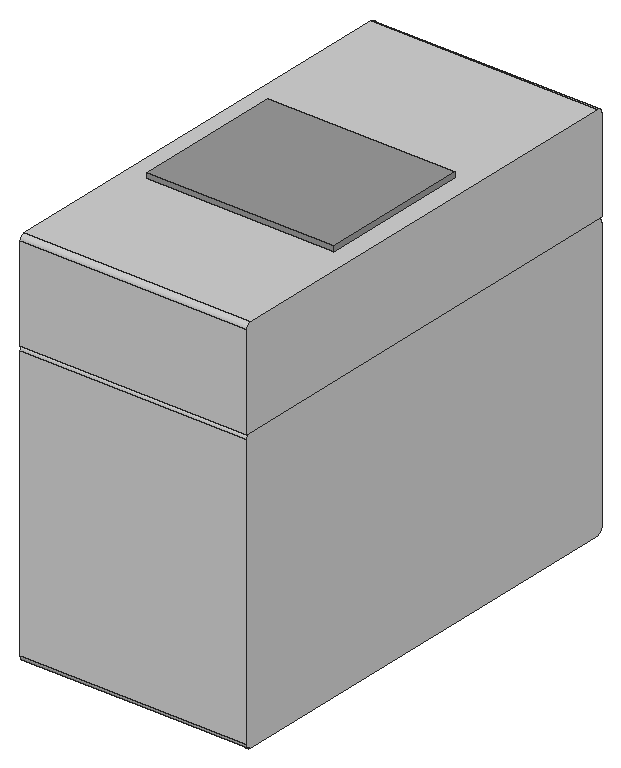
Revit family "Domotics-DomesticRanges-GEWISS-CHORUS_DATA-SOCKET-OUTLET_COVER_1M", category Apparecchi elettrici, host Superficie, Revit 2016
Family settings
  Host = Superficie
  Mantenere orientamento annotazione = Sì
  Tipo di parte = Normale
  Quota connettore circolare = Usa diametro
  Numero OmniClass = 23.80.50.14
  Titolo OmniClass = Plug Connectors
  Taglio con vuoti quando caricato = Sì
  Condiviso = Sì
  Punto di calcolo locali = Sì
Parameters (values of type "GW14438 - ADAPTER FOR HOUSING DATA CONNECTORS T.")
  Vista di pianta [instance] = yes
  Version file RFA = "19.0"
  URL = "https://www.gewiss.com/ww/en"
  Tipo = SYSTEM PRESE RJ45_BASE : RJ45 Titanio
  Technical sheet = "https://www.gewiss.com/ww/en/search?q=GW14438"
  Simbolo = SIMBOLO PRESE TELEFONO : PRESA TEL
  SIMBOLO [instance] = yes
  SEO = "Container"
  Realized by GEWISS S.p.A. = ""
  Produttore = "GEWISS S.p.A."
  No. Chorus modules: = "1"
  Modello = "GW14438"
  Larghezza presa = 23 mm
  IFC.TypeObject = ""
  IFC.ExportType = ""
  IFC.ExportAs = ""
  Offset pulsante [instance] = 0 mm
  Offset bidimensionale [instance] = 2 mm
  IDT = "d1aef546-329d-4669-8d08-4aeb95ba3255"
  IDF = "b9c51716-2824-446a-be3e-49b84f176017"
  Electrocod = "0131                "
  EAN code = "8011564719880"
  Distanza_x = 0 mm
  Distanza effettiva_x = 1500 mm - Distanza_x  # 1500 mm
  Default Elevation = 1219.2 mm
  Immagine tipo = GW14431.jpg
  Descrizione = "ADAPTER FOR HOUSING DATA CONNECTORS T."
  Description. = "Adapter"
  Compatibility: = "SYSTIMAX COMMSCOPE"
  Colour = "Titanium"
  Category = "Adapter"
  Catalogue Range = "CHORUS - DOMESTIC RANGE"
  Catalogue = "DOMOTICS"
  COBie.Tagnumber = ""
  COBie.CreatedOn = ""
  COBie.CreatebBy = ""
  COBie.ComponentRegisterItemID = ""
  COBie.Component.TagNumber = ""
  COBie.Component.Space = ""
  COBie.Component.SerialNumber = ""
  COBie.Component.InstallationDate = ""
  COBie.Component.Description = ""
  COBie.Component.BarCode = ""
Types (6, lengths in mm): name | Tipo | Technical sheet | Modello | IDT | EAN code | Immagine tipo | Descrizione | Compatibility: | Colour
  GW10431 - UNWIRED ENCLOS.RJ45 CONNEC. WHITE | SYSTEM PRESE RJ45_BASE : RJ45 Bianco | "https://www.gewiss.com/ww/en/search?q=GW10431" | "GW10431" | "87212ea1-2aeb-47dd-806c-d2b6c0d87191" | "8011564295421" | GW10431.jpg | "UNWIRED ENCLOS.RJ45 CONNEC. WHITE" | "AMP / Keystone Jack" | "White"
  GW10438 - ADAPTER FOR HOUSING DATA CONNECTORS W. | SYSTEM PRESE RJ45_BASE : RJ45 Bianco | "https://www.gewiss.com/ww/en/search?q=GW10438" | "GW10438" | "cd39f791-c2ad-4d2b-bb68-f4da188e1706" | "8011564719866" | GW10431.jpg | "ADAPTER FOR HOUSING DATA CONNECTORS W." | "SYSTIMAX COMMSCOPE" | "White"
  GW12431 - UNWIRED ENCLOS.RJ45 CONNEC.BLACK | SYSTEM PRESE RJ45_BASE : RJ45 Nero | "https://www.gewiss.com/ww/en/search?q=GW12431" | "GW12431" | "c9f4c2f3-06ee-4096-b6f1-acb69aeca2e7" | "8011564295438" | GW12431.jpg | "UNWIRED ENCLOS.RJ45 CONNEC.BLACK" | "AMP / Keystone Jack" | "Black"
  GW12438 - ADAPTER FOR HOUSING DATA CONNECTORS B. | SYSTEM PRESE RJ45_BASE : RJ45 Nero | "https://www.gewiss.com/ww/en/search?q=GW12438" | "GW12438" | "0f2fa235-624c-4074-8ec9-89d8b82d425d" | "8011564719873" | GW12431.jpg | "ADAPTER FOR HOUSING DATA CONNECTORS B." | "SYSTIMAX COMMSCOPE" | "Black"
  GW14431 - UNWIRED ENCLOS.RJ45 CONNEC.TITANIUM | SYSTEM PRESE RJ45_BASE : RJ45 Titanio | "https://www.gewiss.com/ww/en/search?q=GW14431" | "GW14431" | "766c65d9-ea9f-406c-9f1e-2b07a02f6f6a" | "8011564295445" | GW14431.jpg | "UNWIRED ENCLOS.RJ45 CONNEC.TITANIUM" | "AMP / Keystone Jack" | "Titanium"
  GW14438 - ADAPTER FOR HOUSING DATA CONNECTORS T. | SYSTEM PRESE RJ45_BASE : RJ45 Titanio | "https://www.gewiss.com/ww/en/search?q=GW14438" | "GW14438" | "d1aef546-329d-4669-8d08-4aeb95ba3255" | "8011564719880" | GW14431.jpg | "ADAPTER FOR HOUSING DATA CONNECTORS T." | "SYSTIMAX COMMSCOPE" | "Titanium"
Reference planes
  plane 1 "Centro (Fronte/Retro)": y = 0
  plane 2: z = 0
  plane 3 "Centro (Sinistra/Destra)": x = 0
  plane 4: z = 0
  plane 5 "piano bidimensionale": z = 41
  plane 6: x = 0
  plane 7: x = -11.5
  plane 8: x = 11.5
  plane 9: z = 39
  plane 10: x = -1500
Lines and regions (mm)
  Masking region 1
    outline origin (0, 0, 0) x (1, 0, 0) y (0, 0, 1)
      loop
        line (-11.5, 39) -> (-11.5, 0) -> (11.5, 0) -> (11.5, 39) -> (-11.5, 39)
  model lines, style "pulsanti", detail levels coarse
    curve 1: line (-11.5, -22.5, 41) -> (-11.5, 22.5, 41)
    curve 2: line (11.5, -22.5, 41) -> (-11.5, -22.5, 41)
    curve 3: line (11.5, 22.5, 41) -> (11.5, -22.5, 41)
    curve 7: line (-9.5, 6.453, 41) -> (-9.5, -8.959, 41)
    curve 8: line (9.5, -8.959, 41) -> (9.5, 6.453, 41)
  model lines, style "pulsanti", not visible, detail levels coarse
    curve 4: line (-11.5, -22.5, 41) -> (-11.5, 22.5, 41)
    curve 5: line (11.5, -22.5, 41) -> (-11.5, -22.5, 41)
    curve 6: line (11.5, 22.5, 41) -> (11.5, -22.5, 41)
    curve 9: line (-9.5, 6.453, 41) -> (-9.5, -8.959, 41)
    curve 10: line (9.5, -8.959, 41) -> (9.5, 6.453, 41)
Dimensions and locks
  "Offset pulsante": plane 4 to host face
  equal spacing: plane 7, plane 3 "Centro (Sinistra/Destra)", plane 8
  "Larghezza presa": plane 7 to plane 8
  locked: plane 9 to plane 4 at 39
  "Distanza effettiva_x": plane 10 to plane 6
  "Offset bidimensionale": plane 5 "piano bidimensionale" to plane 9
  plane 10 to plane 3 "Centro (Sinistra/Destra)" = 1500 mm
  aligned and locked: plane 2 to host face
  aligned and locked: level to host face
  aligned and locked: plane 6 to nested 2
  aligned and locked: plane 7 to nested 1
  aligned and locked: plane 8 to nested 1
  aligned and locked: Masking region 1 sketch curve to plane 7
  aligned and locked: Masking region 1 sketch curve to plane 8
  aligned and locked: Masking region 1 sketch curve to plane 9
  aligned and locked: Masking region 1 sketch curve to plane 4
Automatic sketch dimensions
  host sketch curve to host sketch curve = 2438.4 mm  (x2)
  curve 1 to curve 7 = 2 mm
  curve 4 to curve 9 = 2 mm
  curve 1 to curve 3 = 0 mm
  curve 3 to curve 8 = 16.047 mm
  curve 1 to curve 7 = 16.047 mm
  curve 7 to curve 2 = 13.541 mm
  curve 8 to curve 2 = 2 mm
  curve 4 to curve 6 = 0 mm
  curve 6 to curve 10 = 16.047 mm
  curve 4 to curve 9 = 16.047 mm
  curve 9 to curve 5 = 13.541 mm
  curve 10 to curve 5 = 2 mm
  curve 1 to curve 2 = 23 mm
  curve 8 to curve 2 = 13.541 mm
  curve 8 to curve 8 = 15.412 mm
  curve 4 to curve 5 = 23 mm
  curve 10 to curve 5 = 13.541 mm
  curve 10 to curve 10 = 15.412 mm
Nested families
  nested 1: "SYSTEM PRESE RJ45_BASE" at (0, 0.178, 0), type <- "Tipo", type "RJ45 Titanio"
  nested 2: "SIMBOLO PRESE TELEFONO" at (0, 21.791, 0), SIMBOLO <- "SIMBOLO", type <- "Simbolo", type "PRESA TEL"
    with TESTO ELETTRICO "RJ45", SIMBOLO yes, Distanza dal muro 0.1 mm, BORDO ACCESO yes
Connectors
  electrical at (0, 0.178, 0)
    settings: on nested 1, index 1, voltage 0 V, apparent load 0 VA, apparent load phase1 0 VA, apparent load phase2 0 VA, apparent load phase3 0 VA, power factor 1, load classification "Other", number of poles 1, system type 31, power factor state 1, is connector primary yes, connector utility no, sub classification motor no, connector description ""
Definition of nested family "SYSTEM PRESE RJ45_BASE"
  Parameters (values of type "RJ45 Titanio")
    Elemento superiore = none
    Elemento acciaio = none
    Supporto = none
    Struttura = none
    Pulsante = none
    Profondità suporto = 15.673 mm
    Larghezza pulsante = 23 mm  # constant formula
    Bidimensionale = 36.414 mm
    Altezza pulsante = 45 mm
  Types (3): name
    RJ45 Nero
    RJ45 Titanio
    RJ45 Bianco
  Reference planes
    plane 1 "Centro (Fronte/Retro)": y = 0
    plane 2: z = 0
    plane 3 "Centro (Sinistra/Destra)": x = 0
    plane 4: y = -22.5
    plane 5: y = 22.5
    plane 6: x = -11.5
    plane 7: x = 11.5
    plane 8 "PIANO BIDIMENSIONALE": z = 36.414
    plane 9: x = -9.5
    plane 10: x = 9.5
    plane 11: z = 38.727
  Forms (mm)
    Extrusion 1, solid, material <- "Struttura", detail levels medium+fine
      sketch origin (0, 0, 0) x (0, 1, 0) y (0, 0, 1)
        loop
          line (22.5, 0.5) -> (22.5, 28.227)
          arc (22.5, 28.227) -> (22.354, 28.581) -> (22, 28.727) r 0.5
          line (22, 28.727) -> (-22, 28.727)
          arc (-22, 28.727) -> (-22.354, 28.581) -> (-22.5, 28.227) r 0.5
          line (-22.5, 28.227) -> (-22.5, 0.5)
          arc (-22.5, 0.5) -> (-22.354, 0.146) -> (-22, 0) r 0.5
          line (-22, 0) -> (22, 0)
          arc (22, 0) -> (22.354, 0.146) -> (22.5, 0.5) r 0.5
      from -11.5 to 11.5
    Extrusion 2, solid, material <- "Pulsante", detail levels medium+fine
      sketch origin (0, 0, 0.006) x (0, 1, 0) y (0, 0, 1)
        loop
          line (-22.5, 38.221) -> (-22.5, 28.721) -> (22.5, 28.721) -> (22.5, 38.221)
          arc (22.5, 38.221) -> (22.354, 38.575) -> (22, 38.721) r 0.5
          line (22, 38.721) -> (-22, 38.721)
          arc (-22, 38.721) -> (-22.354, 38.575) -> (-22.5, 38.221) r 0.5
      from -11.5 to 11.5
    Extrusion 3, solid, material <- "Elemento acciaio", detail levels medium+fine
      sketch origin (0, 0, 36.414) x (-1, 0, 0) y (0, -1, 0)
        loop
          line (9.5, -6.453) -> (9.5, 8.959) -> (-9.5, 8.959) -> (-9.5, -6.453) -> (9.5, -6.453)
      from 1.539 to 2.792
  Lines and regions (mm)
    Masking region 1
      outline origin (0, 0, 36.414) x (-1, 0, 0) y (0, -1, 0)
        loop
          line (11.5, -22.5) -> (11.5, 22.5) -> (-11.5, 22.5) -> (-11.5, -22.5) -> (11.5, -22.5)
        loop
          line (9.5, -6.453) -> (9.5, 8.959) -> (-9.5, 8.959) -> (-9.5, -6.453) -> (9.5, -6.453)
    Masking region 2
      outline origin (0, 0, 36.414) x (-1, 0, 0) y (0, -1, 0)
        loop
          line (9.5, 8.959) -> (-9.5, 8.959) -> (-9.5, -6.453) -> (9.5, -6.453) -> (9.5, 8.959)
  Dimensions and locks
    equal spacing: plane 4, plane 1 "Centro (Fronte/Retro)", plane 5
    plane 4 to plane 5 = 45 mm
    equal spacing: plane 6, plane 3 "Centro (Sinistra/Destra)", plane 7
    "Larghezza pulsante": plane 6 to plane 7
    equal spacing: plane 5, plane 1 "Centro (Fronte/Retro)", plane 4
    "Altezza pulsante": plane 5 to plane 4
    "Bidimensionale": plane 8 "PIANO BIDIMENSIONALE" to level
    equal spacing: plane 9, plane 3 "Centro (Sinistra/Destra)", plane 10
    plane 6 to plane 9 = 2 mm
    plane 10 to plane 7 = 2 mm
    plane 1 "Centro (Fronte/Retro)" to Extrusion 3 = 6.453 mm
    aligned and locked: level to plane 2
    aligned and locked: Extrusion 2 to Extrusion 1
    aligned and locked: Extrusion 1 to Extrusion 2
    aligned and locked: Extrusion 2 to plane 6
    aligned and locked: plane 7 to Extrusion 2
    aligned and locked: Masking region 1 sketch curve to Extrusion 1  (x4)
  Automatic sketch dimensions
    Extrusion 3 sketch curve to plane 10 = 0 mm
    Extrusion 3 sketch curve to plane 9 = 0 mm
    Extrusion 3 sketch curve to plane 1 "Centro (Fronte/Retro)" = 6.453 mm
    Masking region 1 sketch curve to plane 10 = 0 mm
    Masking region 1 sketch curve to plane 9 = 0 mm
    Masking region 1 sketch curve to plane 1 "Centro (Fronte/Retro)" = 6.453 mm
    plane 1 "Centro (Fronte/Retro)" to Masking region 1 sketch curve = 8.959 mm
    Masking region 2 sketch curve to plane 10 = 0 mm
    Masking region 2 sketch curve to plane 9 = 0 mm
    Masking region 2 sketch curve to plane 1 "Centro (Fronte/Retro)" = 6.453 mm
    plane 1 "Centro (Fronte/Retro)" to Masking region 2 sketch curve = 8.959 mm
    Extrusion 1 sketch curve to plane 4 = 0 mm
    Extrusion 1 sketch curve to level = 0 mm
    Extrusion 1 sketch curve to plane 5 = 0 mm
    level to Extrusion 1 sketch curve = 0.5 mm
    plane 4 to Extrusion 1 sketch curve = 0.5 mm
    Extrusion 1 sketch curve to Extrusion 1 sketch curve = 0.5 mm  (x2)
    Extrusion 1 sketch curve to plane 8 "PIANO BIDIMENSIONALE" = 8.187 mm
    Extrusion 2 sketch curve to plane 4 = 0 mm
    Extrusion 2 sketch curve to plane 5 = 0 mm
    Extrusion 2 sketch curve to Extrusion 2 sketch curve = 0.5 mm  (x2)
    Extrusion 2 sketch curve to plane 8 "PIANO BIDIMENSIONALE" = 7.687 mm
    plane 8 "PIANO BIDIMENSIONALE" to Extrusion 2 sketch curve = 1.813 mm
    plane 1 "Centro (Fronte/Retro)" to Extrusion 3 sketch curve = 8.959 mm
Definition of nested family "SIMBOLO PRESE TELEFONO"
  Parameters (values of type "PRESA TEL")
    TESTO ELETTRICO [instance] = "TXT"
    Simbolo = SIMBOLO PRESE TELEFONO_BASE : PRESA
    SIMBOLO [instance] = yes
    Distanza dal muro [instance] = 4.208 mm
    BORDO ACCESO [instance] = yes
  Reference planes
    plane 1: y = 0
    plane 2: x = 0
  Dimensions and locks
    "Distanza dal muro": plane 1 to nested 1
    aligned and locked: plane 2 to nested 1
  Nested families
    nested 1: "SIMBOLO PRESE TELEFONO_BASE" at (0, 4.208, 0), BORDO ACCESO <- "BORDO ACCESO", type <- "Simbolo", visible <- "SIMBOLO", type "PRESA"
      with TESTO ELETTRICO "RJ45", BORDO ACCESO yes
  Definition of nested family "SIMBOLO PRESE TELEFONO_BASE"
    Parameters (values of type "PRESA")
      TESTO ELETTRICO [instance] = "TXT"
      Distanza dal muro = 4.208 mm
      BORDO ACCESO [instance] = yes
    Reference planes
      plane 1: y = 0
      plane 2: x = 0
    Lines and regions (mm)
      detail lines, visible <- "BORDO ACCESO", not visible
        curve 1: line (-1.743, 9.208, 0) -> (2.057, 9.208, 0)
        curve 2: line (2.057, 9.208, 0) -> (2.057, 4.208, 0)
        curve 3: line (2.057, 4.208, 0) -> (-1.743, 4.208, 0)
        curve 4: line (-1.743, 4.208, 0) -> (-1.743, 9.208, 0)
        curve 5: line (-1.543, 9.008, 0) -> (1.857, 9.008, 0)
        curve 6: line (1.857, 9.008, 0) -> (1.857, 4.408, 0)
        curve 7: line (1.857, 4.408, 0) -> (-1.543, 4.408, 0)
        curve 8: line (-1.543, 4.408, 0) -> (-1.543, 9.008, 0)
      detail lines
        curve 9: line (0.851, 1.172, 0) -> (-0.851, 1.172, 0)
        curve 10: line (0, 1.172, 0) -> (0, 0.32, 0)
        curve 11: line (-0.851, 2.023, 0) -> (-0.851, 1.172, 0)
        curve 12: line (0.851, 2.023, 0) -> (0.851, 1.172, 0)
